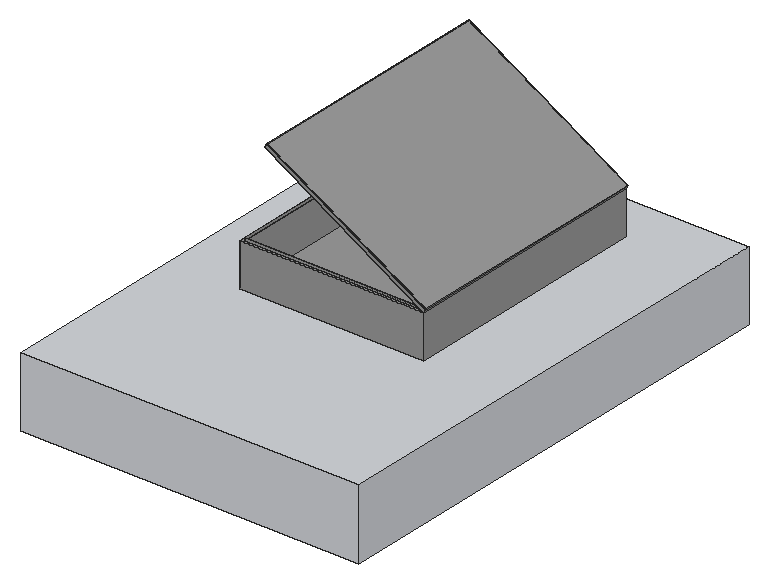
Revit family "Hager-Univers-IP44-D205-H1100-Cl.I-encl-PL-pl", category Equipement électrique, Revit 2020
Family settings
  Hôte = Face
  Configuration du panneau = Deux colonnes, circuits au sein
  Cote de connecteur circulaire = Utiliser le diamètre
  Type d'élément = Tableau de raccordement
  Couper avec des vides une fois chargée = Non
  Partagée = Non
  Point de calcul de pièce = Non
Parameters (values of type "Montaż natynkowy IP44 S800 W1100 G205  - FP73TN2")
  Width Control [instance] = if([EF000008 - Szerokość] > Min Width, [EF000008 - Szerokość], Min Width)  # 800 mm
  Commentaires du type = [HG000003 - Zakres]  # "Univers"
  Thickness Door [instance] = if([EF009171 - Drzwi/pokrywa z materiału o wysokiej wytrzymałości mechanicznej] > 3 mm, 3 mm, [EF009171 - Drzwi/pokrywa z materiału o wysokiej wytrzymałości mechanicznej])  # 1 mm
  Seal Frame Offset [instance] = 17 mm  # constant formula
  Plinth Visibility [instance] = [HG000027 - Wysokość cokołu] > 0 mm  # no
  Model = ""
  Min Width [instance] = 100 mm  # constant formula
  Min Height [instance] = 100 mm  # constant formula
  Min Depth [instance] = (2 * [EF009170 - Obudowa z materiału o wysokiej wytrzymałości mechanicznej]) + 1 mm  # 3 mm
  Internal Frame Depth [instance] = (Door System Depth * 0.5)  # 9 mm
  Height Control [instance] = if([EF000040 - Wysokość] > Min Height, [EF000040 - Wysokość], Min Height)  # 1100 mm
  HG000027 - Wysokość cokołu = 0 mm
  HG000026 - Stojąca = no
  HG000024 - Wysokość części dolnej = 800 mm
  HG000023 - Obudowa dwusekcyjna = no
  HG000016 - Widoczność drzwi w widoku 3D [instance] = yes
  HG000015 - Przestrzeń robocza - otwarcie drzwi [instance] = no
  HG000014 - Drzwi prawe [instance] = yes
  HG000013 - Drzwi lewe [instance] = not([HG000014 - Drzwi prawe])  # no
  HG000012 - Kąt otwarcia drzwi [instance] = 30.00°
  HG000010 - Drzwi asymetryczne = no
  HG000009 - Drzwi dwuskrzydłowe = no
  HG000006 - Montaż podtynkowy = no
  HG000004 - Referencja producenta = "FP73TN2"
  HG000003 - Zakres = "Univers"
  HG000002 - Z drzwiami lub pokrywą = yes
  Frame Offset Bottom [instance] = 10 mm  # constant formula
  Frame Offset [instance] = 15 mm  # constant formula
  EF015940 - Pokrywa z wyzwalaczem nadciśnieniowym = no
  EF011959 - Stopień ochrony (NEMA) = ""
  EF009554 - Liczba otworów pod flansze = 6
  Fabricant = "Hager"  # constant formula
  EF009212 - Wykonanie pokrywy = "EV000116 - Zamknięty"
  EF009171 - Drzwi/pokrywa z materiału o wysokiej wytrzymałości mechanicznej = 1 mm
  EF009170 - Obudowa z materiału o wysokiej wytrzymałości mechanicznej = 1 mm
  EF008873 - Prąd znamionowy (In) = 250 A
  EF007800 - Do ochrony odgromowej = no
  EF006306 - Z zamkiem = no
  EF006244 - Transparentna pokrywa/drzwi = no
  EF005474 - Stopień ochrony (IP) = "EV006418 - IP44"
  EF004464 - Rodzaj drzwi = "EV002646 - Pojedynczy"
  EF004427 - Liczba modułów = 252
  EF004293 - Odporność udarowa = "EV006815 - IK09"
  EF003532 - Do zastosowań zewnętrznych = no
  EF002950 - Szerokość wyrażona liczbą modułów = 36
  EF001613 - Podtrzymanie funkcji = "EV000494 - Brak"
  EF001596 - Materiał obudowy = "EV000179 - Stal"
  EF001131 - Głębokość wewnętrzna = 130 mm
  EF001088 - Możliwość rozbudowy = yes
  EF000437 - Liczba wejść kablowych = 6
  EF000339 - Rodzaj pokrywy = "EV001012 - Pokrywa"
  EF000266 - Liczba rzędów = 7
  EF000218 - Głębokość wbudowania = 205 mm
  EF000118 - Z płytą montażową = no
  EF000116 - Numer RAL = "9010"
  EF000049 - Głębokość = 205 mm
  EF000040 - Wysokość = 1100 mm
  EF000008 - Szerokość = 800 mm
  EF000007 - Kolor = "EV000202 - Biały"
  EF000003 - Sposób montażu = "EV000384 - Montaż natynkowy"
  Door System Leaf Tolerance [instance] = 1.5 mm  # constant formula
  Door System Depth [instance] = 18 mm  # constant formula
  Door Height [instance] = Height Control - [HG000027 - Wysokość cokołu]  # 1100 mm
  Depth Control [instance] = if([EF000049 - Głębokość] > Min Depth, [EF000049 - Głębokość], Min Depth)  # 205 mm
  Default Elevation = 0 mm
  Connector Offset [instance] = Height Control / 2  # 550 mm
  Bottom Top Plate Trim [instance] = 1.5 mm  # constant formula
  Plinth height Ctrl [instance] = if([HG000027 - Wysokość cokołu] > 0 mm, [HG000027 - Wysokość cokołu], 12 mm)  # 12 mm
Types (4, lengths in mm): name | Width Control | HG000010 - Drzwi asymetryczne | HG000009 - Drzwi dwuskrzydłowe | HG000004 - Referencja producenta | EF009554 - Liczba otworów pod flansze | EF004464 - Rodzaj drzwi | EF004427 - Liczba modułów | EF002950 - Szerokość wyrażona liczbą modułów | EF000437 - Liczba wejść kablowych | EF000008 - Szerokość
  Montaż natynkowy IP44 S1300 W1100 G205  - FP75TN2 | 1300 | yes | yes | "FP75TN2" | 10 | "EV003602 - Podwójny" | 420 | 60 | 10 | 1300
  Montaż natynkowy IP44 S300 W1100 G205  - FP71TN2 | 300 | no | no | "FP71TN2" | 2 | "EV002646 - Pojedynczy" | 84 | 12 | 2 | 300
  Montaż natynkowy IP44 S550 W1100 G205  - FP72TN2 | 550 | no | no | "FP72TN2" | 4 | "EV002646 - Pojedynczy" | 168 | 24 | 4 | 550
  Montaż natynkowy IP44 S800 W1100 G205  - FP73TN2 | 800 | no | no | "FP73TN2" | 6 | "EV002646 - Pojedynczy" | 252 | 36 | 6 | 800
Reference planes
  plane 1 "Center (Front/Back)": y = 0
  plane 2: z = 0
  plane 3 "Center (Left/Right)": x = 0
  plane 4: z = 205
  plane 5: y = 1
  plane 6: y = 550
  plane 7: y = 0
  plane 8: y = 1100
  plane 9: z = 0
  plane 10: x = -385
  plane 11: x = 385
  plane 12: x = 384
  plane 13: x = -384
  plane 14: y = 1099
  plane 15: x = -383
  plane 16: x = -400
  plane 17: x = 383
  plane 18: x = 400
  plane 19: x = 399
  plane 20: x = -399
  plane 21: y = 11
  plane 22: y = 1100
  plane 23: y = 1084
  plane 24: z = 187
  plane 25: z = 1
  plane 26: z = 186
  plane 27: z = 204
Forms (mm)
  Extrusion 1, solid
    sketch origin (0, 0, 0) x (1, 0, 0) y (0, 1, 0)
      loop
        line (-702.964, 1305) -> (-702.964, -811.445) -> (766.763, -811.445) -> (766.763, 1305) -> (-702.964, 1305)
    from 0 to -304.8
  Extrusion 2, solid, material "Hager_Steel_RAL7035_Light_Grey", visible <- "Plinth Visibility", detail levels medium+fine
    sketch origin (0, 0, 0) x (1, 0, 0) y (0, 1, 0)
      loop
        line (-400, 0) -> (400, 0) -> (400, 12) -> (-400, 12) -> (-400, 0)
    from 0 to 187
  Extrusion 3, solid, material "Hager_Steel_RAL7035_Light_Grey", detail levels medium+fine
    sketch origin (0, 0, 0) x (1, 0, 0) y (0, 1, 0)
      loop
        line (-400, 0) -> (400, 0) -> (400, 1100) -> (-400, 1100) -> (-400, 0)
    from 0 to 187
  Extrusion 4, void
    sketch origin (0, 0, 0) x (1, 0, 0) y (0, 1, 0)
      loop
        line (-399, 1) -> (399, 1) -> (399, 1099) -> (-399, 1099) -> (-399, 1)
    from 1 to 186
  Extrusion 5, void
    sketch origin (-381.607, -4572, 187) x (0, -1, 0) y (-1, 0, 0)
      loop
        line (-4583, 2.393) -> (-5656, 2.393) -> (-5656, -765.607) -> (-4583, -765.607) -> (-4583, 2.393)
    from 0 to 1 <- "EF009170 - Obudowa z materiału o wysokiej wytrzymałości mechanicznej"
  Extrusion 6, solid, material "Hager_Steel_RAL7035_Light_Grey", detail levels fine
    sketch origin (0, 0, 187) x (1, 0, 0) y (0, 1, 0)
      loop
        line (-384, 1084) -> (-384, 11) -> (384, 11) -> (384, 1084) -> (-384, 1084)
      loop
        line (-385, 10) -> (385, 10) -> (385, 1085) -> (-385, 1085) -> (-385, 10)
    from 0 to 9 <- "Internal Frame Depth"
  Extrusion 7, solid, material "Hager_Steel_RAL7035_Light_Grey", detail levels coarse
    sketch origin (0, 0, 0) x (1, 0, 0) y (0, 1, 0)
      loop
        line (-400, 0) -> (400, 0) -> (400, 1100) -> (-400, 1100) -> (-400, 0)
    from 0 to 205
  Sweep 8, void
    path in 3D
      loop
        line (-400, 12, 0) -> (400, 12, 0) -> (400, 12, 187) -> (-400, 12, 187) -> (-400, 12, 0)
    profile origin (-400, 12, 93.5) x (-1, 0, 0) y (0, -1, 0)
      loop
        line (0, 0) -> (0, 1.5) -> (-1.5, 1.5)
        arc (-1.5, 1.5) -> (-1.061, 0.439) -> (0, 0) r 1.5
Cuts and joins
  Extrusion 4, Extrusion 5 cuts Extrusion 3
  Sweep 8 cuts Extrusion 2
Lines and regions (mm)
  Masking region 1
    outline origin (0, 0, 0) x (1, 0, 0) y (0, 0, 1)
      loop
        line (-400, 205) -> (-400, 0) -> (400, 0) -> (400, 205) -> (-400, 205)
  Masking region 2, detail levels medium+fine
    outline origin (0, 140, 0) x (0, 1, 0) y (0, 0, 1)
      loop
        line (-140, 0) -> (960, 0) -> (960, 187) -> (-140, 187) -> (-140, 0)
  Masking region 3, not visible, detail levels medium+fine
    outline origin (0, 297.922, 0) x (0, 1, 0) y (0, 0, 1)
      loop
        line (263.578, 0) -> (303.578, 0) -> (303.578, 194)
        arc (303.578, 194) -> (300.649, 201.071) -> (293.578, 204) r 10
        line (293.578, 204) -> (263.578, 204) -> (263.578, 0)
  Masking region 4, detail levels coarse
    outline origin (0, 0, 180) x (0, 1, 0) y (0, 0, 1)
      loop
        line (0, -180) -> (1100, -180) -> (1100, 25) -> (0, 25) -> (0, -180)
  Masking region 5, visible <- "Plinth Visibility", detail levels medium+fine
    outline origin (0, 52.24, 12.345) x (0, 0, -1) y (0, 1, 0)
      loop
        line (10.845, -40.24) -> (-173.155, -40.24)
        arc (-173.155, -40.24) -> (-173.594, -41.301) -> (-174.655, -41.74) r 1.5
        line (-174.655, -41.74) -> (-174.655, -52.24) -> (12.345, -52.24) -> (12.345, -41.74)
        arc (12.345, -41.74) -> (11.285, -41.301) -> (10.845, -40.24) r 1.5
  Masking region 6, detail levels medium+fine
    outline origin (-381.607, -4572, 187) x (-1, 0, 0) y (0, -1, 0)
      loop
        line (18.393, -5672) -> (18.393, -4572) -> (-781.607, -4572) -> (-781.607, -5672) -> (18.393, -5672)
  Masking region 7, visible <- "Plinth Visibility", detail levels medium+fine
    outline origin (-381.607, -4727, 187) x (-1, 0, 0) y (0, -1, 0)
      loop
        arc (16.893, -4739) -> (17.332, -4737.939) -> (18.393, -4737.5) r 1.5
        line (18.393, -4737.5) -> (18.393, -4727) -> (-781.607, -4727) -> (-781.607, -4737.5)
        arc (-781.607, -4737.5) -> (-780.546, -4737.939) -> (-780.107, -4739) r 1.5
        line (-780.107, -4739) -> (16.893, -4739)
  Masking region 8, detail levels coarse
    outline origin (-442.548, -4669.526, 187) x (-1, 0, 0) y (0, -1, 0)
      loop
        line (-42.548, -5769.526) -> (-42.548, -4669.526) -> (-842.548, -4669.526) -> (-842.548, -5769.526) -> (-42.548, -5769.526)
  sketch lines
    curve 1: line (-400, 12, 187) -> (-400, 12, 0)
    curve 2: line (400, 12, 187) -> (-400, 12, 187)
    curve 3: line (400, 12, 187) -> (400, 12, 0)
    curve 4: line (-400, 12, 0) -> (400, 12, 0)
Dimensions and locks
  "Depth Control": plane 4 to Extrusion 1
  "HG000027 - Wysokość cokołu": plane 1 "Center (Front/Back)" to plane 7
  "EF009170 - Obudowa z materiału o wysokiej wytrzymałości mechanicznej": plane 5 to plane 7
  locked: connector elem to plane 3 "Center (Left/Right)"
  equal spacing: plane 8, plane 6, plane 7
  locked: connector elem to plane 6
  "EF009170 - Obudowa z materiału o wysokiej wytrzymałości mechanicznej": plane 8 to plane 14
  "EF009170 - Obudowa z materiału o wysokiej wytrzymałości mechanicznej": plane 10 to plane 13
  "EF009170 - Obudowa z materiału o wysokiej wytrzymałości mechanicznej": plane 12 to plane 11
  "Frame Offset": plane 20 to plane 13
  "Frame Offset": plane 12 to plane 19
  "EF009170 - Obudowa z materiału o wysokiej wytrzymałości mechanicznej": plane 16 to plane 20
  "EF009170 - Obudowa z materiału o wysokiej wytrzymałości mechanicznej": plane 19 to plane 18
  "Seal Frame Offset": plane 16 to plane 15
  "Seal Frame Offset": plane 17 to plane 18
  "Frame Offset Bottom": plane 21 to plane 5
  "Frame Offset": plane 14 to plane 23
  equal spacing: plane 16, plane 3 "Center (Left/Right)", plane 18
  "Width Control": plane 16 to plane 18
  "EF009170 - Obudowa z materiału o wysokiej wytrzymałości mechanicznej": plane 4 to plane 27
  "EF009170 - Obudowa z materiału o wysokiej wytrzymałości mechanicznej": plane 24 to plane 26
  "EF009170 - Obudowa z materiału o wysokiej wytrzymałości mechanicznej": plane 25 to level
  "Door System Depth": plane 4 to plane 24
  "Height Control": plane 1 "Center (Front/Back)" to Extrusion 7 sketch curve
  "Height Control": Masking region 4 sketch curve to plane 1 "Center (Front/Back)"
  "Height Control": plane 1 "Center (Front/Back)" to plane 22
  "Bottom Top Plate Trim": profile plane to Sweep 8 sketch curve
  "Bottom Top Plate Trim": Sweep 8 sketch curve to profile plane
  "Plinth height Ctrl": plane 1 "Center (Front/Back)" to Extrusion 2 sketch curve
  "Plinth height Ctrl": Masking region 5 sketch curve to plane 1 "Center (Front/Back)"
  "Plinth height Ctrl": plane 1 "Center (Front/Back)" to Masking region 7 sketch curve
  "Thickness Door": Extrusion 6 sketch curve to Extrusion 6 sketch curve  (x3)
  "Thickness Door": cut or joined group of Extrusion 3, Extrusion 4, Extrusion 5 to Extrusion 6 sketch curve
  radius of Masking region 3 sketch curve = 10 mm
  "Bottom Top Plate Trim": radius of Masking region 5 sketch curve  (x2)
  "Bottom Top Plate Trim": radius of Sweep 8 sketch curve
  "Bottom Top Plate Trim": radius of Masking region 7 sketch curve  (x2)
  aligned and locked: plane 2 to Extrusion 1
  aligned and locked: level to Extrusion 1
  aligned and locked: level to Masking region 1 sketch curve
  aligned and locked: Masking region 1 sketch curve to plane 18
  aligned and locked: Masking region 1 sketch curve to plane 16
  aligned and locked: plane 7 to Masking region 2 sketch curve
  aligned and locked: level to Masking region 3 sketch curve
  aligned and locked: Masking region 3 sketch curve to plane 27
  aligned and locked: level to Masking region 2 sketch curve
  aligned and locked: plane 1 "Center (Front/Back)" to Extrusion 2 sketch curve
  aligned and locked: Extrusion 3 sketch curve to plane 7
  aligned and locked: plane 16 to Extrusion 3 sketch curve
  aligned and locked: plane 18 to Extrusion 3 sketch curve
  aligned and locked: plane 20 to Extrusion 4 sketch curve
  aligned and locked: plane 19 to Extrusion 4 sketch curve
  aligned and locked: Extrusion 4 sketch curve to plane 5
  aligned and locked: Extrusion 4 to plane 25
  aligned and locked: plane 26 to Extrusion 4
  aligned and locked: plane 24 to Extrusion 3
  aligned and locked: Extrusion 5 sketch curve to plane 21
  aligned and locked: Extrusion 5 sketch curve to plane 13
  aligned and locked: Extrusion 5 sketch curve to plane 12
  aligned and locked: plane 18 to Extrusion 7 sketch curve
  aligned and locked: plane 1 "Center (Front/Back)" to Extrusion 7 sketch curve
  aligned and locked: plane 16 to Extrusion 7 sketch curve
  aligned and locked: plane 4 to Extrusion 7
  aligned and locked: Extrusion 7 to level
  aligned and locked: level to Masking region 4 sketch curve
  aligned and locked: Masking region 4 sketch curve to plane 1 "Center (Front/Back)"
  aligned and locked: Masking region 4 sketch curve to plane 4
  aligned and locked: nested 1 to level
  aligned and locked: nested 1 to plane 16
  aligned and locked: plane 8 to Extrusion 3 sketch curve
  aligned and locked: plane 23 to Extrusion 5 sketch curve
  aligned and locked: plane 14 to Extrusion 4 sketch curve
  aligned and locked: Masking region 2 sketch curve to plane 8
  aligned and locked: level to Masking region 5 sketch curve
  aligned and locked: plane 16 to Extrusion 2 sketch curve
  aligned and locked: plane 18 to Extrusion 2 sketch curve
  aligned and locked: Masking region 5 sketch curve to plane 24
  aligned and locked: Masking region 2 sketch curve to plane 24
  aligned and locked: plane 24 to Extrusion 2
  aligned and locked: profile plane to Sweep 8 sketch curve  (x2)
  aligned and locked: Masking region 6 sketch curve to plane 18
  aligned and locked: Masking region 6 sketch curve to plane 22
  aligned and locked: Masking region 6 sketch curve to plane 16
  aligned and locked: plane 8 to plane 22
  aligned and locked: Masking region 6 sketch curve to plane 7
  aligned and locked: Masking region 7 sketch curve to plane 16
  aligned and locked: Masking region 7 sketch curve to plane 1 "Center (Front/Back)"
  aligned and locked: Masking region 7 sketch curve to plane 18
  aligned and locked: Masking region 8 sketch curve to plane 1 "Center (Front/Back)"
  aligned and locked: Masking region 8 sketch curve to plane 18
  aligned and locked: Masking region 8 sketch curve to plane 22
  aligned and locked: Masking region 8 sketch curve to plane 16
  aligned and locked: nested 2 to plane 7
  aligned and locked: plane 3 "Center (Left/Right)" to nested 2
  aligned and locked: nested 2 to plane 24
  aligned and locked: Extrusion 6 sketch curve to cut or joined group of Extrusion 3, Extrusion 4, Extrusion 5  (x4)
Automatic sketch dimensions
  Extrusion 1 sketch curve to Extrusion 1 sketch curve = 1469.727 mm
  Extrusion 1 sketch curve to Extrusion 1 sketch curve = 2116.445 mm
  Masking region 1 sketch curve to plane 4 = 0 mm
  plane 6 to Masking region 3 sketch curve = 11.5 mm
  Masking region 3 sketch curve to Masking region 3 sketch curve = 30 mm
  Masking region 5 sketch curve to plane 1 "Center (Front/Back)" = 0 mm
Nested families
  nested 1: "Hager_Enclosure_Symbol" at (-400, 0, 0) x (1, 0, 0) z (0, -1, 0), Height <- "Depth Control", Width <- "Width Control", type "Hager_Enclosure_Symbol"
    with Width_Ctrl 800 mm, Width 800 mm, Height_Ctrl 205 mm, Height 205 mm, A_Width_Int 13.453 mm, A_Width 161.438 mm, A_Height_Ctrl 179.375 mm, A_Height 179.375 mm
  nested 2: "EC000058_Univers_Door" at (0, 0, 187) x (1, 0, 0) z (0, 1, 0), Leaf_Tolerance <- "Door System Leaf Tolerance", Angle <- "HG000012 - Kąt otwarcia drzwi", Door_Depth <- "Door System Depth", Door_Left <- "HG000013 - Drzwi lewe", Transparent <- "EF006244 - Transparentna pokrywa/drzwi", Assymetrical <- "HG000010 - Drzwi asymetryczne", Width <- "Width Control", Clearance <- "HG000015 - Przestrzeń robocza - otwarcie drzwi", Double <- "HG000009 - Drzwi dwuskrzydłowe", 3d_Door <- "HG000016 - Widoczność drzwi w widoku 3D", Lock_Visibility <- "EF006306 - Z zamkiem", Width_Ctrl <- "Width Control", Door_Right <- "HG000014 - Drzwi prawe", Door <- "HG000002 - Z drzwiami lub pokrywą", Height <- "Door Height", Thickness <- "Thickness Door", type "EC000058_Univers_Door", detail levels medium+fine
    with min_wh 3 mm, Width_Ctrl 800 mm, Width 800 mm, Transparent no, Thickness 1 mm, Seal_Material Hager_Rubber, Lock_Visibility no, Lock_Material Hager_Plastic_RAL9005_Jet_Black, Leaf_Width 800 mm, Leaf_Tolerance_External_Sides 0 mm, Leaf_Tolerance 1.5 mm, Leaf_Offset 0 mm, Leaf_Height 1097 mm, Leaf_2_Width 800 mm, Leaf_2_Offset 400 mm, Leaf_1_Width 800 mm, Leaf_1_Offset 400 mm, Height_Ctrl 1100 mm, Height 1100 mm, Glass_Material Hager_Glass, Double_Clearance_Ctrl no, Double no, Door_Right_Ctrl yes, Door_Right yes, Door_Material Hager_Steel_RAL7035_Light_Grey, Door_Left_Ctrl no, Door_Left no, Door_Depth 18 mm, Door yes, Clearance_Material Hager_Clearance, Clearance_Depth 800 mm, Clearance_Ctrl no, Clearance no, Assymetrical no, Angle 30.00°, 3d_Door yes
Connectors
  electrical at (0, 550, 0)
    settings: on plane 9, index 1, voltage 0 V, apparent load 0 VA, apparent load phase1 0 VA, apparent load phase2 0 VA, apparent load phase3 0 VA, power factor 1, load classification "Other", number of poles 1, system type 30, power factor state 1, is connector primary yes, connector utility no, sub classification motor no, connector description ""
Definition of nested family "EC000058_Univers_Door"
  Parameters (values of type "EC000058_Univers_Door")
    min_wh [instance] = (2 * Thickness) + 1 mm  # 11 mm
    Width_Ctrl [instance] = 400 mm
    Width [instance] = 500 mm
    Transparent [instance] = yes
    Thickness [instance] = 5 mm
    Seal_Material [instance] = none
    Lock_Visibility [instance] = yes
    Lock_Material [instance] = none
    Leaf_Width [instance] = if((Width_Ctrl - 2 * Leaf_Tolerance_External_Sides) > 0 mm, (Width_Ctrl - 2 * Leaf_Tolerance_External_Sides), min_wh)  # 400 mm
    Leaf_Tolerance_External_Sides [instance] = 0 mm  # constant formula
    Leaf_Tolerance [instance] = 1.5 mm
    Leaf_Offset [instance] = 0 mm  # constant formula
    Leaf_Height [instance] = if((Height_Ctrl - 2 * Leaf_Tolerance) > 0 mm, (Height_Ctrl - 2 * Leaf_Tolerance), min_wh)  # 497 mm
    Leaf_2_Width [instance] = if(and(and(Double, Assymetrical), Door_Left), (Leaf_Width / 3) - (Leaf_Tolerance / 2), if(and(and(Double, Assymetrical), Door_Right), (Leaf_Width / 3) * 2 - (Leaf_Tolerance / 2), if(and(Double, not(Assymetrical)), (Leaf_Width / 2) - Leaf_Tolerance, Leaf_Width)))  # 400 mm
    Leaf_2_Offset [instance] = if(and(Double, Assymetrical), Leaf_2_Width / 2, if(and(Double, not(Assymetrical)), Leaf_Width / 4, Leaf_Width / 2))  # 200 mm
    Leaf_1_Width [instance] = if(and(and(Double, Assymetrical), Door_Right), (Leaf_Width / 3) - (Leaf_Tolerance / 2), if(and(and(Double, Assymetrical), Door_Left), (Width / 3) * 2 - (Leaf_Tolerance / 2), if(and(Double, not(Assymetrical)), (Leaf_Width / 2) - Leaf_Tolerance, Leaf_Width)))  # 400 mm
    Leaf_1_Offset [instance] = if(and(Double, Assymetrical), Leaf_1_Width / 2, if(and(Double, not(Assymetrical)), Leaf_Width / 4, Leaf_Width / 2))  # 200 mm
    Height_Ctrl [instance] = if(Height > min_wh, Height, min_wh)  # 500 mm
    Height [instance] = 500 mm
    Glass_Material [instance] = none
    Double_Clearance_Ctrl [instance] = and(Double, Clearance)  # no
    Double [instance] = no
    Door_Right_Ctrl [instance] = and(or(Door_Right, Double), Door)  # yes
    Door_Right [instance] = yes
    Door_Material [instance] = none
    Door_Left_Ctrl [instance] = and(or(Door_Left, Double), Door)  # no
    Door_Left [instance] = no
    Door_Depth [instance] = 30 mm
    Door [instance] = yes
    Default Elevation = 1219.2 mm
    Clearance_Material [instance] = none
    Clearance_Depth [instance] = if(Leaf_1_Width > Leaf_2_Width, Leaf_1_Width, Leaf_2_Width)  # 400 mm
    Clearance_Ctrl [instance] = and(not(Double), Clearance)  # yes
    Clearance [instance] = yes
    Assymetrical [instance] = yes
    Angle [instance] = 30.00°
    3d_Door [instance] = yes
  Reference planes
    plane 1 "Center (Front/Back)": y = 0
    plane 2 "Bottom": z = 0
    plane 3 "Center (Left/Right)": x = 0
    plane 4: z = 500
    plane 5: x = -200
    plane 6: x = 200
    plane 7: z = 500
    plane 8: x = -200
    plane 9: z = 0
    plane 10: x = 200
    plane 11: y = 0
    plane 12: z = 1.5
    plane 13: x = -600
    plane 14: y = -400
    plane 15: x = 600
    plane 16: x = 0
    plane 17: x = 0
    plane 18: x = -200
    plane 19: x = 200
    plane 20: z = 498.5
  Forms (mm)
    Extrusion 1, solid, material <- "Clearance_Material", visible <- "Double_Clearance_Ctrl"
      sketch origin (1200, 0, 0) x (1, 0, 0) y (0, 0, -1)
        loop
          line (-1800, -498.5) -> (-600, -498.5) -> (-600, 0) -> (-1800, 0) -> (-1800, -498.5)
      from 0 to -400
  Dimensions and locks
    equal spacing: plane 5, plane 3 "Center (Left/Right)", plane 6
    "Width_Ctrl": plane 5 to plane 6
    "Leaf_Offset": plane 5 to plane 8
    "Leaf_Offset": plane 6 to plane 10
    "Leaf_Offset": plane 9 to level
    "Leaf_Offset": plane 4 to plane 7
    "Height_Ctrl": plane 4 to level
    "Leaf_Tolerance": plane 12 to plane 9
    locked: plane 11 to plane 1 "Center (Front/Back)"
    "Leaf_1_Offset": plane 18 to plane 16
    "Leaf_2_Offset": plane 17 to plane 19
    "Leaf_1_Width": plane 13 to plane 8
    "Leaf_2_Width": plane 10 to plane 15
    "Clearance_Depth": plane 14 to plane 1 "Center (Front/Back)"
    "Leaf_Tolerance_External_Sides": plane 8 to plane 18
    "Leaf_Tolerance_External_Sides": plane 19 to plane 10
    "Leaf_Tolerance": plane 7 to plane 20
    aligned and locked: level to plane 2 "Bottom"
    aligned and locked: nested 1 to plane 16
    aligned and locked: nested 2 to plane 17
    aligned and locked: Extrusion 1 to plane 13
    aligned and locked: plane 15 to Extrusion 1
    aligned and locked: Extrusion 1 to plane 14
    aligned and locked: plane 12 to nested 1
    aligned and locked: nested 2 to plane 12
    aligned and locked: Extrusion 1 to plane 11
    aligned and locked: plane 20 to Extrusion 1
    aligned and locked: nested 2 to plane 11
    aligned and locked: nested 1 to plane 11
  Automatic sketch dimensions
    Extrusion 1 sketch curve to level = 0 mm
    plane 5 to Extrusion 1 sketch curve = 400 mm
    plane 6 to Extrusion 1 sketch curve = 400 mm
    Extrusion 1 sketch curve to plane 4 = 1.5 mm
  Nested families
    nested 1: "EC000058_Univers_Door_Leaf" at (0, 0, 1.5), Width <- "Leaf_1_Width", visible <- "Door_Left_Ctrl", Leaf_Height <- "Leaf_Height", Angle <- "Angle", 3d_Door <- "3d_Door", Transparent <- "Transparent", Clearance Material <- "Clearance_Material", Clearance <- "Clearance_Ctrl", Door_Material <- "Door_Material", Glass_Material <- "Glass_Material", Door_Depth <- "Door_Depth", Lock_Material <- "Lock_Material", Seal_Material <- "Seal_Material", Lock_Visibility <- "Lock_Visibility", Thickness <- "Thickness", type "EC000058_Univers_Door_Leaf"
      with Width 400 mm, Transparent_Glass_Offset 30 mm, Transparent_Ctrl yes, Transparent yes, Thickness 5 mm, Standard no, Seal_Material none, Seal_D2 8 mm, Seal_D1 1 mm, Offset_Internal_Frame 10 mm, Lock_Width 20 mm, Lock_Visibility_3d yes, Lock_Visibility yes, Lock_Thickness_3 3 mm, Lock_Thickness_2 1 mm, Lock_Thickness_1 3 mm, Lock_Radius_Offset_2 16 mm, Lock_Radius_Offset_1 15 mm, Lock_Radius_2 5 mm, Lock_Radius 6 mm, Lock_Offset 5 mm, Lock_Material none, Lock_Height 80 mm, Lock_Cover_Top_Offset_2d 17 mm, Lock_Cover_Height -65 mm, Leaf_Height 497 mm, Internal_Seal_Thickness 8 mm, Internal_Seal_Depth_2 4.5 mm, Internal_Frame_Depth 25 mm, Glass_Thickness -1 mm, Glass_Offset -2 mm, Glass_Material none, Door_Material none, Door_Depth 30 mm, Clearance Material none, Clearance yes, Angle_Ctrl 30.00°, Angle 30.00°, 3d_Door yes
    nested 2: "EC000058_Univers_Door_Leaf" at (0, 0, 1.5) x (-1, 0, 0) z (0, 0, 1), Width <- "Leaf_2_Width", visible <- "Door_Right_Ctrl", Leaf_Height <- "Leaf_Height", Angle <- "Angle", 3d_Door <- "3d_Door", Transparent <- "Transparent", Clearance Material <- "Clearance_Material", Clearance <- "Clearance_Ctrl", Door_Material <- "Door_Material", Glass_Material <- "Glass_Material", Door_Depth <- "Door_Depth", Lock_Material <- "Lock_Material", Seal_Material <- "Seal_Material", Lock_Visibility <- "Lock_Visibility", Thickness <- "Thickness", type "EC000058_Univers_Door_Leaf"
      with Width 400 mm, Transparent_Glass_Offset 30 mm, Transparent_Ctrl yes, Transparent yes, Thickness 5 mm, Standard no, Seal_Material none, Seal_D2 8 mm, Seal_D1 1 mm, Offset_Internal_Frame 10 mm, Lock_Width 20 mm, Lock_Visibility_3d yes, Lock_Visibility yes, Lock_Thickness_3 3 mm, Lock_Thickness_2 1 mm, Lock_Thickness_1 3 mm, Lock_Radius_Offset_2 16 mm, Lock_Radius_Offset_1 15 mm, Lock_Radius_2 5 mm, Lock_Radius 6 mm, Lock_Offset 5 mm, Lock_Material none, Lock_Height 80 mm, Lock_Cover_Top_Offset_2d 17 mm, Lock_Cover_Height -65 mm, Leaf_Height 497 mm, Internal_Seal_Thickness 8 mm, Internal_Seal_Depth_2 4.5 mm, Internal_Frame_Depth 25 mm, Glass_Thickness -1 mm, Glass_Offset -2 mm, Glass_Material none, Door_Material none, Door_Depth 30 mm, Clearance Material none, Clearance yes, Angle_Ctrl 30.00°, Angle 30.00°, 3d_Door yes
  Definition of nested family "EC000058_Univers_Door_Leaf"
    Parameters (values of type "EC000058_Univers_Door_Leaf")
      Width [instance] = 2000 mm
      Transparent_Glass_Offset [instance] = 30 mm
      Transparent_Ctrl [instance] = and(Transparent, [3d_Door])  # yes
      Transparent [instance] = yes
      Thickness [instance] = 5 mm
      Standard [instance] = and(not(Transparent), [3d_Door])  # no
      Seal_Material [instance] = none
      Seal_D2 [instance] = 8 mm  # constant formula
      Seal_D1 [instance] = 1 mm  # constant formula
      Offset_Internal_Frame [instance] = 10 mm  # constant formula
      Lock_Width [instance] = 20 mm  # constant formula
      Lock_Visibility_3d [instance] = and(Lock_Visibility, [3d_Door])  # yes
      Lock_Visibility [instance] = yes
      Lock_Thickness_3 [instance] = 3 mm  # constant formula
      Lock_Thickness_2 [instance] = 1 mm  # constant formula
      Lock_Thickness_1 [instance] = 3 mm  # constant formula
      Lock_Radius_Offset_2 [instance] = Lock_Radius_Offset_1 + 1 mm  # 16 mm
      Lock_Radius_Offset_1 [instance] = 15 mm  # constant formula
      Lock_Radius_2 [instance] = Lock_Radius - 1 mm  # 5 mm
      Lock_Radius [instance] = 6 mm  # constant formula
      Lock_Offset [instance] = 5 mm  # constant formula
      Lock_Material [instance] = none
      Lock_Height [instance] = 80 mm  # constant formula
      Lock_Cover_Top_Offset_2d [instance] = Lock_Radius_Offset_2 + 1 mm  # 17 mm
      Lock_Cover_Height [instance] = -(Lock_Height - Lock_Radius_Offset_1)  # -65 mm
      Leaf_Height [instance] = 2720.336 mm
      Internal_Seal_Thickness [instance] = 8 mm  # constant formula
      Internal_Seal_Depth_2 [instance] = 4.5 mm  # constant formula
      Internal_Frame_Depth [instance] = if(Door_Depth - Thickness > 5 mm, Door_Depth - Thickness, 5 mm)  # 25 mm
      Glass_Thickness [instance] = if(Thickness > 15 mm, Glass_Offset + 10 mm, -1 mm)  # -1 mm
      Glass_Offset [instance] = if(Thickness > 15 mm, -(Thickness + 10 mm) / 2, -2 mm)  # -2 mm
      Glass_Material [instance] = none
      Door_Material [instance] = none
      Door_Depth [instance] = 30 mm
      Default Elevation = 0 mm
      Clearance Material [instance] = none
      Clearance [instance] = yes
      Angle_Ctrl [instance] = if(Angle > 180.00°, 180.00°, Angle)  # 90.00°
      Angle [instance] = 90.00°
      3d_Door [instance] = yes
    Reference planes
      plane 1 "Center (Front/Back)": y = 0
      plane 2: z = 0
      plane 3 "Center (Left/Right)": x = 0
      plane 4: y = 2000
      plane 5: x = -1000
      plane 6: x = 1000
      plane 7: x = -3000
      plane 8: z = 2720.336
      plane 9: z = 30
      plane 10: z = 2690.336
      plane 11: x = 970
      plane 12: x = -970
      plane 13: y = -3
      plane 14: z = 107.833
      plane 15: y = -5
      plane 16: y = -223.314
      plane 17: x = -1000
      plane 18: z = 1360.168
      plane 19: y = 30
    Forms (mm)
      Extrusion 1, solid, material <- "Clearance Material", visible <- "Clearance"
        sketch origin (0, 0, 0) x (1, 0, 0) y (0, 0, 1)
          loop
            line (-3000, 2720.336) -> (-3000, 0) -> (1000, 0) -> (1000, 2720.336) -> (-3000, 2720.336)
        from 0 to -2000
      Extrusion 2, solid, material <- "Door_Material", visible <- "Standard", detail levels medium+fine
        sketch origin (-1000, 0, 0) x (0, 1, 0) y (-1, 0, 0)
          loop
            line (0, 30) -> (0, 25) -> (2000, 25) -> (2000, 30) -> (0, 30)
        from 0 to 2720.336 <- "Leaf_Height"
      Extrusion 3, solid, material <- "Door_Material", visible <- "Transparent_Ctrl", detail levels medium+fine
        sketch origin (-1000, 0, 0) x (0, 1, 0) y (-1, 0, 0)
          loop
            line (0, 25) -> (2000, 25) -> (2000, 30) -> (0, 30) -> (0, 25)
        from 0 to 2720.336 <- "Leaf_Height"
      Extrusion 4, void
        sketch origin (-1025, 2000, 0) x (0, 1, 0) y (0, 0, -1)
          loop
            line (-30, -2690.336) -> (-30, -30) -> (-1970, -30) -> (-1970, -2690.336) -> (-30, -2690.336)
        from 0 to 5 <- "Thickness"
      Sweep 5, solid, material <- "Seal_Material", visible <- "Transparent_Ctrl", detail levels fine
        path in 3D
          loop
            line (-1025, 30, 30) -> (-1025, 30, 2690.336) -> (-1025, 1970, 2690.336) -> (-1025, 1970, 30) -> (-1025, 30, 30)
        profile origin (-1025, 1000, 30) x (1, 0, 0) y (0, 0, 1)
          loop
            line (0, 0) -> (0, -8) -> (1, -8) -> (1, 0) -> (0, 0)
      Extrusion 6, solid, material <- "Glass_Material", visible <- "Transparent_Ctrl", detail levels medium+fine
        sketch origin (-1030, 0, 0) x (0, 1, 0) y (0, 0, -1)
          loop
            line (1970, -2690.336) -> (1970, -30) -> (30, -30) -> (30, -2690.336) -> (1970, -2690.336)
        from -2 <- "Glass_Offset" to -1 <- "Glass_Thickness"
      Extrusion 7, solid, material <- "Door_Material", visible <- "3d_Door", detail levels medium+fine
        sketch origin (-1025, 2000, 0) x (0, -1, 0) y (0, 0, -1)
          loop
            line (0, -2720.336) -> (2000, -2720.336) -> (2000, 0) -> (0, 0) -> (0, -2720.336)
          loop
            line (1995, -5) -> (5, -5) -> (5, -2715.336) -> (1995, -2715.336) -> (1995, -5)
        from 0 to 25 <- "Internal_Frame_Depth"
      Sweep 8, solid, material <- "Seal_Material", visible <- "Transparent_Ctrl", detail levels fine
        path in 3D
          loop
            line (-1025, 0, 0) -> (-1025, 2000, 0) -> (-1025, 2000, 2720.336) -> (-1025, 0, 2720.336) -> (-1025, 0, 0)
        profile origin (-1025, 0, 1360.168) x (1, 0, 0) y (0, 1, 0)
          loop
            line (0, 10) -> (2.975, 10)
            arc (2.975, 10) -> (4.053, 10.447) -> (4.5, 11.525) r 1.525
            line (4.5, 11.525) -> (4.5, 16.527)
            arc (4.5, 16.527) -> (4.069, 17.569) -> (3.027, 18) r 1.473
            line (3.027, 18) -> (0, 18) -> (0, 10)
      Extrusion 9, solid, material <- "Lock_Material", visible <- "Lock_Visibility_3d", detail levels fine
        sketch origin (-1030, 0, 0) x (0, 1, 0) y (0, 0, -1)
          loop
            arc (1993.5, -1400.168) -> (1994.561, -1399.729) -> (1995, -1398.668) r 1.5
            line (1995, -1398.668) -> (1995, -1320.168) -> (1975, -1320.168) -> (1975, -1398.668)
            arc (1975, -1398.668) -> (1975.439, -1399.729) -> (1976.5, -1400.168) r 1.5
            line (1976.5, -1400.168) -> (1993.5, -1400.168)
        from 3 <- "Lock_Thickness_1" to 0
      Blend 10, solid, material <- "Lock_Material", visible <- "Lock_Visibility_3d", detail levels fine
        base sketch origin (-1033, 0, 0) x (0, 1, 0) y (0, 0, -1)
          loop
            line (1975, -1320.168) -> (1975, -1398.668)
            arc (1975, -1398.668) -> (1975.439, -1399.729) -> (1976.5, -1400.168) r 1.5
            line (1976.5, -1400.168) -> (1993.5, -1400.168)
            arc (1993.5, -1400.168) -> (1994.561, -1399.729) -> (1995, -1398.668) r 1.5
            line (1995, -1398.668) -> (1995, -1320.168) -> (1975, -1320.168)
        top sketch origin (-1033, 0, 0) x (0, 1, 0) y (0, 0, -1)
          loop
            line (1976, -1320.168) -> (1976, -1398.668)
            arc (1976, -1398.668) -> (1976.146, -1399.022) -> (1976.5, -1399.168) r 0.5
            line (1976.5, -1399.168) -> (1993.5, -1399.168)
            arc (1993.5, -1399.168) -> (1993.854, -1399.022) -> (1994, -1398.668) r 0.5
            line (1994, -1398.668) -> (1994, -1320.168) -> (1976, -1320.168)
        from 0 to 1 <- "Lock_Thickness_2"
      Blend 11, solid, material <- "Lock_Material", visible <- "Lock_Visibility_3d", detail levels fine
        base sketch origin (-1034, 0, 0) x (0, 1, 0) y (0, 0, -1)
          loop
            line (1978, -1320.168) -> (1978, -1384.168)
            arc (1978, -1384.168) -> (1985, -1391.168) -> (1992, -1384.168) r 7
            line (1992, -1384.168) -> (1992, -1320.168) -> (1978, -1320.168)
        top sketch origin (-1034, 0, 0) x (0, 1, 0) y (0, 0, -1)
          loop
            line (1991, -1320.168) -> (1979, -1320.168) -> (1979, -1383.168)
            arc (1979, -1383.168) -> (1985, -1389.168) -> (1991, -1383.168) r 6
            line (1991, -1383.168) -> (1991, -1320.168)
        from 0 to 3 <- "Lock_Thickness_3"
      Extrusion 12, solid, material <- "Lock_Material", visible <- "Lock_Visibility_3d", detail levels fine
        sketch origin (-1030, 1975, 1320.168) x (1, 0, 0) y (0, -1, 0)
          loop
            line (-7, -19) -> (-7, -1) -> (0, -1) -> (0, 0) -> (-8, 0) -> (-8, -20) -> (0, -20) -> (0, -19) -> (-7, -19)
        from 0 to -65 <- "Lock_Cover_Height"
      Extrusion 13, void
        sketch origin (-1038, 1995, 1320.168) x (-1, 0, 0) y (0, 0, -1)
          loop
            line (-5, -65) -> (0, -65) -> (-5, -60) -> (-5, -65)
        from 0 to 20 <- "Lock_Width"
      Extrusion 14, void
        sketch origin (-1038, 1975, 1320.168) x (0, -1, 0) y (0, 0, -1)
          loop
            circle (-10, -15.995) r 6
          loop
            circle (-10, -15.995) r 5
        from 0 to 2
      Extrusion 15, solid, material <- "Lock_Material", visible <- "Lock_Visibility_3d", detail levels medium
        sketch origin (-1030, 0, 0) x (0, 1, 0) y (0, 0, -1)
          loop
            arc (1993.5, -1400.168) -> (1994.561, -1399.729) -> (1995, -1398.668) r 1.5
            line (1995, -1398.668) -> (1995, -1320.168) -> (1975, -1320.168) -> (1975, -1398.668)
            arc (1975, -1398.668) -> (1975.439, -1399.729) -> (1976.5, -1400.168) r 1.5
            line (1976.5, -1400.168) -> (1993.5, -1400.168)
        from 8 to 0
    Cuts and joins
      Extrusion 4 cuts Extrusion 3
      Extrusion 13, Extrusion 14 cuts Extrusion 9
      Extrusion 14 cuts Blend 11
      Extrusion 13, Extrusion 14 cuts Extrusion 12
      joined: Extrusion 9, Blend 10, Blend 11, Extrusion 12
      Extrusion 14 cuts Extrusion 15
    Lines and regions (mm)
      Masking region 1, visible <- "Lock_Visibility", detail levels fine
        outline origin (0, 0, 0) x (0, 1, 0) y (0, 0, 1)
          loop
            line (30, 1320.168) -> (33, 1320.168) -> (33, 1400.168) -> (30, 1400.168) -> (30, 1320.168)
      Masking region 2, visible <- "Lock_Visibility", detail levels fine
        outline origin (0, 3.143, 0) x (0, 1, 0) y (0, 0, 1)
          loop
            line (29.857, 1354.168) -> (30.857, 1354.168) -> (30.857, 1366.168) -> (29.857, 1366.168) -> (29.857, 1354.168)
      Masking region 3, detail levels medium+fine
        outline origin (0, 0, 0) x (0, 1, 0) y (0, 0, 1)
          loop
            line (0, 0) -> (30, 0) -> (30, 2720.336) -> (0, 2720.336) -> (0, 0)
      Masking region 4, detail levels medium+fine
        outline origin (0, 0, 0) x (1, 0, 0) y (0, 0, 1)
          loop
            line (-1000, 2720.336) -> (-1000, 0) -> (1000, 0) -> (1000, 2720.336) -> (-1000, 2720.336)
      Masking region 5, visible <- "Lock_Visibility", detail levels fine
        outline origin (-47.116, 0, 0) x (1, 0, 0) y (0, 0, 1)
          loop
            arc (1024.616, 1399.168) -> (1023.556, 1398.729) -> (1023.116, 1397.668) r 1.5
            line (1023.116, 1397.668) -> (1023.116, 1320.168) -> (1041.116, 1320.168) -> (1041.116, 1397.668)
            arc (1041.116, 1397.668) -> (1040.677, 1398.729) -> (1039.616, 1399.168) r 1.5
            line (1039.616, 1399.168) -> (1024.616, 1399.168)
      Masking region 6, visible <- "Lock_Visibility", detail levels medium+fine
        outline origin (-25, 0, 0) x (1, 0, 0) y (0, 0, 1)
          loop
            arc (1001.5, 1400.168) -> (1000.439, 1399.729) -> (1000, 1398.668) r 1.5
            line (1000, 1398.668) -> (1000, 1320.168) -> (1020, 1320.168) -> (1020, 1398.668)
            arc (1020, 1398.668) -> (1019.561, 1399.729) -> (1018.5, 1400.168) r 1.5
            line (1018.5, 1400.168) -> (1001.5, 1400.168)
      Masking region 7, visible <- "Lock_Visibility", detail levels fine
        outline origin (-73.735, 0, 0) x (1, 0, 0) y (0, 0, 1)
          loop
            line (1051.735, 1382.168) -> (1065.735, 1382.168) -> (1065.735, 1384.168)
            arc (1065.735, 1384.168) -> (1058.735, 1391.168) -> (1051.735, 1384.168) r 7
            line (1051.735, 1384.168) -> (1051.735, 1382.168)
      Masking region 8, visible <- "Lock_Visibility", detail levels fine
        outline origin (-73.735, 0, 0) x (1, 0, 0) y (0, 0, 1)
          loop
            line (1052.735, 1382.168) -> (1064.735, 1382.168) -> (1064.735, 1383.168)
            arc (1064.735, 1383.168) -> (1058.735, 1389.168) -> (1052.735, 1383.168) r 6
            line (1052.735, 1383.168) -> (1052.735, 1382.168)
      Masking region 9, visible <- "Lock_Visibility", detail levels fine
        outline origin (-25, 0, 0) x (1, 0, 0) y (0, 0, 1)
          loop
            line (1020, 1320.168) -> (1020, 1382.168) -> (1000, 1382.168) -> (1000, 1320.168) -> (1020, 1320.168)
      Masking region 10, detail levels medium+fine
        outline origin (0, 0, 0) x (1, 0, 0) y (0, 0, 1)
          loop
            circle (985, 1335.144) r 6
      Masking region 11, detail levels fine
        outline origin (0, 0, 0) x (1, 0, 0) y (0, 0, 1)
          loop
            circle (985, 1335.144) r 5
      Masking region 12, visible <- "Lock_Visibility", detail levels fine
        outline origin (0, 12.767, 0) x (0, 1, 0) y (0, 0, 1)
          loop
            line (20.233, 1320.168) -> (21.233, 1320.168) -> (21.233, 1399.168) -> (20.233, 1400.168) -> (20.233, 1320.168)
      Masking region 13, visible <- "Lock_Visibility", detail levels fine
        outline origin (0, 13.767, -10) x (0, 1, 0) y (0, 0, 1)
          loop
            line (20.233, 1330.168) -> (23.233, 1330.168) -> (23.233, 1399.168) -> (20.233, 1402.168) -> (20.233, 1330.168)
      Masking region 14, visible <- "Lock_Visibility", detail levels fine
        outline origin (0, 12.767, -10) x (0, 1, 0) y (0, 0, 1)
          loop
            line (20.233, 1330.168) -> (25.233, 1330.168) -> (25.233, 1399.305) -> (20.233, 1394.305) -> (20.233, 1330.168)
      Masking region 15, visible <- "Lock_Visibility", detail levels medium
        outline origin (0, 0, 0) x (0, 1, 0) y (0, 0, 1)
          loop
            line (30, 1320.168) -> (38, 1320.168) -> (38, 1400.168) -> (30, 1400.168) -> (30, 1320.168)
      Masking region 16, visible <- "Lock_Visibility", detail levels fine
        outline origin (-1000, 0, 0) x (0, 1, 0) y (-1, 0, 0)
          loop
            line (1975, 30) -> (1995, 30) -> (1995, 38) -> (1975, 38) -> (1975, 30)
          loop
            line (1979, 37) -> (1976, 37) -> (1976, 34) -> (1978, 34) -> (1979, 37)
          loop
            line (1994, 37) -> (1991, 37) -> (1992, 34) -> (1994, 34) -> (1994, 37)
      Masking region 17, visible <- "Lock_Visibility", detail levels medium
        outline origin (-1000, 0, 0) x (0, 1, 0) y (-1, 0, 0)
          loop
            line (1975, 30) -> (1995, 30) -> (1995, 38) -> (1975, 38) -> (1975, 30)
      symbolic lines
        curve 1: line (1000, 0, 0) -> (-3000, 0, 0)
        curve 2: arc (1000, 0, 0) -> (-1000, 2000, 0) -> (-3000, 0, 0) r 2000
        curve 4: line (-1030, 0, 0) -> (-1030, 2000, 0)
      reference lines
        curve 3: line (-1000, 0, 0) -> (-1000, 2000, 0)
      symbolic lines, detail levels medium+fine
        curve 5: line (-1030, 2000, 0) -> (-1025, 2000, 0)
        curve 7: line (-1025, 0, 0) -> (-1030, 0, 0)
        curve 8: line (-1025, 0, 0) -> (-1000, 0, 0)
        curve 9: line (-1000, 0, 0) -> (-1000, 2000, 0)
        curve 10: line (-1000, 2000, 0) -> (-1025, 2000, 0)
      symbolic lines, detail levels fine
        curve 6: line (-1025, 2000, 0) -> (-1025, 0, 0)
      sketch lines
        curve 11: line (-1025, 0, 2720.336) -> (-1025, 0, 0)
        curve 12: line (-1025, 2000, 0) -> (-1025, 0, 0)
        curve 13: line (-1025, 2000, 2720.336) -> (-1025, 2000, 0)
        curve 14: line (-1025, 0, 2720.336) -> (-1025, 2000, 2720.336)
        curve 15: line (-1025, 1970, 30) -> (-1025, 30, 30)
        curve 16: line (-1025, 30, 30) -> (-1025, 30, 2690.336)
        curve 17: line (-1025, 1970, 2690.336) -> (-1025, 1970, 30)
        curve 18: line (-1025, 30, 2690.336) -> (-1025, 1970, 2690.336)
      symbolic lines, visible <- "Transparent", detail levels medium+fine
        curve 19: line (-970, 0, 2690.336) -> (970, 0, 2690.336)
        curve 20: line (-970, 0, 30) -> (-970, 0, 2690.336)
        curve 21: line (970, 0, 30) -> (-970, 0, 30)
        curve 22: line (970, 0, 2690.336) -> (970, 0, 30)
    Dimensions and locks
      "Width": plane 1 "Center (Front/Back)" to plane 4
      equal spacing: plane 5, plane 3 "Center (Left/Right)", plane 6
      "Width": plane 5 to plane 6
      "Width": plane 7 to plane 5
      "Leaf_Height": plane 8 to level
      "Width": curve 5 to curve 3
      "Width": curve 3 to curve 3
      plane 8 to plane 10 = 30 mm
      plane 9 to level = 30 mm
      plane 12 to plane 5 = 30 mm
      plane 6 to plane 11 = 30 mm
      Extrusion 1 to Extrusion 4 sketch curve = 30 mm
      "Transparent_Glass_Offset": curve 3 to Extrusion 4 sketch curve
      "Transparent_Glass_Offset": Extrusion 4 sketch curve to cut or joined group of Extrusion 3, Extrusion 4  (x2)
      cut or joined group of Extrusion 3, Extrusion 4 to Extrusion 6 sketch curve = 30 mm
      "Transparent_Glass_Offset": cut or joined group of Extrusion 3, Extrusion 4 to Extrusion 4 sketch curve
      "Thickness": curve 6 to curve 4
      "Thickness": Extrusion 7 sketch curve to Extrusion 7 sketch curve  (x4)
      "Door_Depth": curve 4 to curve 3
      "Offset_Internal_Frame": profile plane to Sweep 8 sketch curve
      "Internal_Seal_Thickness": Sweep 8 sketch curve to Sweep 8 sketch curve
      "Internal_Seal_Depth_2": profile plane to Sweep 8 sketch curve
      "Seal_D1": profile plane to Sweep 5 sketch curve
      "Seal_D2": profile plane to Sweep 5 sketch curve
      "Thickness": Extrusion 2 sketch curve to Extrusion 2 sketch curve
      equal spacing: Extrusion 9 sketch curve, plane 18, Extrusion 9 sketch curve  (x2)
      equal spacing: Masking region 1 sketch curve, plane 18, Masking region 1 sketch curve
      "Lock_Height": Masking region 1 sketch curve to Masking region 1 sketch curve
      "Lock_Radius": Masking region 2 sketch curve to plane 18 to Masking region 2 sketch curve
      Masking region 2 sketch curve to Masking region 1 = 1 mm
      "Door_Depth": plane 19 to plane 1 "Center (Front/Back)"
      "Lock_Thickness_1": Masking region 1 sketch curve to plane 19
      "Lock_Width": Extrusion 9 sketch curve to Extrusion 9 sketch curve
      "Lock_Height": Extrusion 9 sketch curve to Extrusion 9 sketch curve
      "Lock_Offset": cut or joined group of Extrusion 3, Extrusion 4 to Extrusion 9 sketch curve
      equal spacing: plane 8, plane 18, level
      "Lock_Radius_Offset_1": Blend 11 sketch curve to Blend 10
      locked: Blend 10 to Blend 11 sketch curve at 2  (x2)
      locked: var sketch to Blend 11 sketch curve at 1  (x2)
      "Lock_Radius_Offset_2": Blend 11 sketch curve to Blend 10
      locked: Extrusion 12 sketch curve to Extrusion 12 sketch curve at 1  (x3)
      Masking region 6 sketch curve to Masking region 6 sketch curve = 80 mm
      "Lock_Height": Masking region 6 sketch curve to Masking region 6 sketch curve
      "Lock_Width": Masking region 6 sketch curve to Masking region 6 sketch curve
      locked: Masking region 6 to Masking region 5 sketch curve at 1  (x3)
      locked: Masking region 5 to Masking region 7 sketch curve at 2  (x2)
      "Lock_Radius_Offset_1": Masking region 5 to Masking region 7 sketch curve
      "Lock_Radius_Offset_2": Masking region 5 to Masking region 8 sketch curve
      locked: Masking region 7 to Masking region 8 sketch curve at 1  (x2)
      "Lock_Cover_Top_Offset_2d": Masking region 5 to Masking region 9 sketch curve
      equal spacing: Masking region 9, Masking region 10 sketch curve, Masking region 9
      equal spacing: Masking region 9, Masking region 11 sketch curve, Masking region 9
      Extrusion 15 sketch curve to Extrusion 15 sketch curve = 80 mm
      "Lock_Width": Extrusion 15 sketch curve to Extrusion 15 sketch curve
      "Lock_Height": Extrusion 15 sketch curve to Extrusion 15 sketch curve
      equal spacing: Extrusion 15 sketch curve, plane 18, Extrusion 15 sketch curve
      "Lock_Thickness_3": Masking region 13 sketch curve to Masking region 13 sketch curve
      "Lock_Height": Masking region 12 sketch curve to Masking region 12 sketch curve
      locked: Masking region 13 sketch curve to Masking region 1 at 8
      locked: Masking region 14 sketch curve to Masking region 13 at 1
      locked: Masking region 14 sketch curve to Masking region 1 at 10.863
      "Lock_Height": Masking region 15 sketch curve to Masking region 15 sketch curve
      "Lock_Offset": Extrusion 15 sketch curve to cut or joined group of Extrusion 3, Extrusion 4
      "Lock_Offset": plane 6 to Masking region 6 sketch curve
      radius of Sweep 8 sketch curve = 1.525 mm
      radius of Sweep 8 sketch curve = 1.473 mm
      radius of Extrusion 9 sketch curve = 1.5 mm  (x2)
      "Lock_Radius": radius of Extrusion 14 sketch curve
      "Lock_Radius_2": radius of Extrusion 14 sketch curve
      "Lock_Radius": radius of Masking region 10 sketch curve
      "Lock_Radius_2": radius of Masking region 11 sketch curve
      radius of Extrusion 15 sketch curve = 1.5 mm  (x2)
      "Angle_Ctrl": angle plane 1 "Center (Front/Back)" to curve 3
      locked: Masking region 12 sketch curve to Masking region 12 sketch curve (angle 45.00°)
      locked: Masking region 13 sketch curve to Masking region 13 sketch curve (angle 45.00°)
      locked: Masking region 14 sketch curve to Masking region 14 sketch curve (angle 45.00°)
      aligned and locked: level to plane 2
      aligned and locked: Extrusion 1 to curve 1
      aligned and locked: plane 6 to Extrusion 1
      aligned and locked: Extrusion 1 to plane 1 "Center (Front/Back)"
      aligned and locked: plane 4 to Extrusion 1
      aligned and locked: plane 8 to Extrusion 1
      aligned and locked: curve 7 to Extrusion 2 sketch curve
      aligned and locked: curve 5 to Extrusion 2 sketch curve
      aligned and locked: curve 7 to Extrusion 3 sketch curve
      aligned and locked: Extrusion 3 sketch curve to curve 4
      aligned and locked: Extrusion 3 sketch curve to curve 6
      aligned and locked: Extrusion 3 sketch curve to curve 5
      aligned and locked: curve 9 to curve 3
      aligned and locked: Extrusion 7 sketch curve to cut or joined group of Extrusion 3, Extrusion 4  (x4)
      aligned and locked: plane 17 to curve 3
      aligned and locked: plane 1 "Center (Front/Back)" to curve 3
      aligned and locked: plane 17 to plane 5
      aligned and locked: Sweep 8 sketch curve to profile plane
      aligned and locked: Sweep 5 sketch curve to profile plane  (x2)
      aligned and locked: Masking region 1 to Masking region 2 sketch curve
      aligned and locked: plane 19 to Masking region 1 sketch curve
      aligned and locked: plane 1 "Center (Front/Back)" to Masking region 3 sketch curve
      aligned and locked: plane 19 to Masking region 3 sketch curve
      aligned and locked: level to Masking region 3 sketch curve
      aligned and locked: Masking region 3 sketch curve to plane 8
      aligned and locked: plane 17 to Masking region 4 sketch curve
      aligned and locked: level to Masking region 4 sketch curve
      aligned and locked: Masking region 4 sketch curve to plane 8
      aligned and locked: plane 12 to curve 20
      aligned and locked: plane 10 to curve 19
      aligned and locked: plane 11 to curve 22
      aligned and locked: curve 21 to plane 9
      aligned and locked: Extrusion 2 sketch curve to cut or joined group of Extrusion 3, Extrusion 4
      aligned and locked: Blend 10 sketch curve to Extrusion 9  (x4)
      aligned and locked: Extrusion 9 to Blend 10 sketch curve
      aligned and locked: Blend 10 to Blend 11 sketch curve
      aligned and locked: Extrusion 12 sketch curve to Blend 11
      aligned and locked: Extrusion 12 sketch curve to Extrusion 9  (x4)
      aligned and locked: Masking region 5 sketch curve to Masking region 6
      aligned and locked: Masking region 9 sketch curve to Masking region 6  (x3)
      aligned and locked: Masking region 12 sketch curve to Masking region 1
      aligned and locked: Masking region 13 sketch curve to Masking region 1
      aligned and locked: Masking region 12 to Masking region 14
      aligned and locked: Masking region 14 sketch curve to Masking region 1
      aligned and locked: Masking region 15 sketch curve to Masking region 14
      aligned and locked: Masking region 13 sketch curve to Masking region 12
      aligned and locked: Masking region 16 sketch curve to cut or joined group of Extrusion 14, Extrusion 15  (x4)
      aligned and locked: Masking region 16 sketch curve to cut or joined group of Extrusion 9, Blend 10, Blend 11, Extrusion 12, Extrusion 13, Extrusion 14  (x6)
      aligned and locked: cut or joined group of Extrusion 9, Blend 10, Blend 11, Extrusion 12, Extrusion 13, Extrusion 14 to Masking region 16 sketch curve
      aligned and locked: Masking region 17 sketch curve to cut or joined group of Extrusion 14, Extrusion 15  (x3)
      aligned and locked: Masking region 17 sketch curve to cut or joined group of Extrusion 9, Blend 10, Blend 11, Extrusion 12, Extrusion 13, Extrusion 14
      aligned and locked: Masking region 9 to Masking region 8 sketch curve
      aligned and locked: Masking region 9 to Masking region 7 sketch curve
    Automatic sketch dimensions
      plane 1 "Center (Front/Back)" to curve 2 = 0 mm
      curve 2 to plane 5 = 0 mm
      Extrusion 1 sketch curve to level = 0 mm
      Extrusion 1 sketch curve to plane 7 = 0 mm
      Extrusion 1 sketch curve to plane 6 = 0 mm
      Extrusion 1 sketch curve to plane 8 = 0 mm
      Extrusion 3 to Extrusion 6 sketch curve = 30 mm  (x4)
      Masking region 4 sketch curve to plane 6 = 0 mm
      Blend 10 sketch curve to Extrusion 9 = 1.5 mm
      Blend 10 sketch curve to Extrusion 9 = 1 mm
      Extrusion 13 sketch curve to Extrusion 12 = 0 mm  (x2)
      Extrusion 12 to Extrusion 13 sketch curve = 3 mm
      Extrusion 13 sketch curve to Extrusion 12 = 5 mm
      Extrusion 14 sketch curve to Extrusion 14 sketch curve = 0 mm  (x2)
      Extrusion 14 sketch curve to Extrusion 12 = 10 mm
      Extrusion 14 sketch curve to Extrusion 12 = 15.995 mm
      Masking region 5 sketch curve to Masking region 5 sketch curve = 1.5 mm  (x2)
      Masking region 10 sketch curve to plane 18 = 25.024 mm
      Masking region 11 sketch curve to plane 18 = 25.024 mm
      plane 19 to Masking region 14 sketch curve = 3 mm
      Masking region 16 sketch curve to Masking region 16 sketch curve = 3 mm
      curve 4 to curve 3 = 0 mm
      Blend 10 to Blend 11 sketch curve = 0 mm
      Masking region 6 sketch curve to Masking region 6 sketch curve = 1.5 mm  (x2)
      Masking region 6 sketch curve to plane 18 = 40 mm
      plane 19 to Masking region 12 sketch curve = 3 mm
      Masking region 12 sketch curve to Masking region 12 sketch curve = 1 mm
      Masking region 15 sketch curve to plane 19 = 0 mm
      Masking region 15 sketch curve to plane 18 = 40 mm
      radius of Blend 10 sketch curve to Extrusion 9 = 1 mm
Definition of nested family "Hager_Enclosure_Symbol"
  Parameters (values of type "Hager_Enclosure_Symbol")
    Width_Ctrl [instance] = if(Width > 1 mm, Width, 1 mm)  # 102.27 mm
    Width [instance] = 102.27 mm
    Height_Ctrl [instance] = if(Height > 1 mm, Height, 1 mm)  # 66.5 mm
    A_Width_Int [instance] = if(A_Width / 12 > 2 mm, A_Width / 12, 2 mm)  # 4.364 mm
    A_Width [instance] = if(A_Height_Ctrl * 0.9 > 2 mm, A_Height_Ctrl * 0.9, 2 mm)  # 52.369 mm
    A_Height_Ctrl [instance] = if(A_Height > 2 mm, A_Height, 2 mm)  # 58.188 mm
    Height [instance] = 66.5 mm
    A_Height [instance] = Height - (Height / 8)  # 58.188 mm
  Reference planes
    plane 1 "Centre (avant/arrière)": y = 0
    plane 2: z = 0
    plane 3 "Centre (gauche/droite)": x = 0
    plane 4: x = 52.369
    plane 5: y = 33.042
    plane 6: y = 41.77
    plane 7: y = 66.5
    plane 8: x = 26.184
    plane 9: y = 37.406
    plane 10: x = 102.27
    plane 11: y = 66.5
    plane 12: y = 8.313
  Lines and regions (mm)
    Filled region 1, type "Solid_Black", in view "Niveau de réf."
      outline origin (0, 0, 0) x (1, 0, 0) y (0, 1, 0)
        loop
          line (52.369, 66.5) -> (33.188, 54.536) -> (45.365, 45.006) -> (52.369, 66.5)
    Filled region 2, type "Solid_Black", in view "Niveau de réf."
      outline origin (0, 0, 0) x (1, 0, 0) y (0, 1, 0)
        loop
          line (0, 0) -> (102.27, 0) -> (102.27, 66.5) -> (0, 0)
    detail lines, in view "Niveau de réf."
      curve 1: line (0, 8.313, 0) -> (26.184, 41.77, 0)
      curve 2: line (26.184, 41.77, 0) -> (26.184, 33.042, 0)
      curve 3: line (26.184, 33.042, 0) -> (52.369, 66.5, 0)
  Dimensions and locks
    "A_Width": plane 3 "Centre (gauche/droite)" to plane 4
    equal spacing: plane 3 "Centre (gauche/droite)", plane 8, plane 4
    equal spacing: plane 6, plane 9, plane 5
    equal spacing: curve 3, Filled region 1 sketch curve, Filled region 1 sketch curve
    "Height_Ctrl": plane 1 "Centre (avant/arrière)" to plane 11
    "A_Height_Ctrl": plane 11 to plane 12
    equal spacing: plane 11, plane 9, plane 12
    "A_Width_Int": plane 6 to plane 9
    "Width_Ctrl": plane 3 "Centre (gauche/droite)" to plane 10
    angle Filled region 1 sketch curve to curve 3 = 20.00°
    angle curve 3 to Filled region 1 sketch curve = 20.00°
    locked: curve 3 to Filled region 1 sketch curve (angle 90.00°)
    aligned and locked: plane 10 to Filled region 2
    aligned and locked: plane 11 to Filled region 2 sketch curve
    aligned and locked: plane 10 to Filled region 2 sketch curve
    aligned and locked: plane 3 "Centre (gauche/droite)" to curve 1
    aligned and locked: plane 12 to curve 1
    aligned and locked: plane 7 to plane 11
  Automatic sketch dimensions
    Filled region 1 sketch curve to plane 4 = 0 mm
    Filled region 1 sketch curve to plane 7 = 0 mm
    plane 1 "Centre (avant/arrière)" to Filled region 2 sketch curve = 0 mm
    Filled region 2 sketch curve to plane 3 "Centre (gauche/droite)" = 0 mm
    curve 2 to plane 6 = 0 mm
    curve 2 to plane 8 = 0 mm
    curve 3 to plane 4 = 0 mm
    curve 2 to plane 5 = 0 mm
    curve 3 to plane 7 = 0 mm
